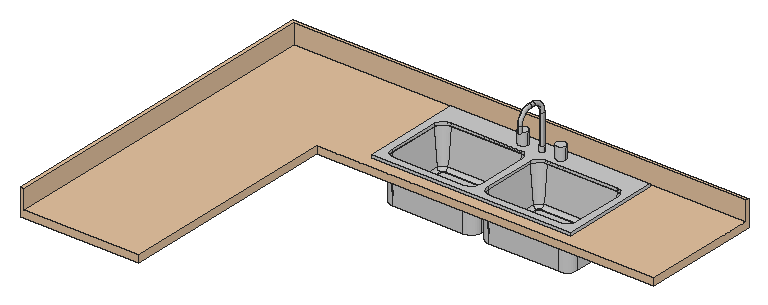
Revit family "Counter Top-L Shaped w Sink.completed", category Casework, Revit 2023
Family settings
  OmniClass Number = 23.40.35.17.47.11
  OmniClass Title = Kitchen Casework
  Work Plane-Based = No
  Always vertical = Yes
  Cut with Voids When Loaded = No
  Shared = Yes
  Room Calculation Point = No
Parameters (values of type "24" Depth")
  Default Elevation = 0' - 0"
  Assembly Code = "C1030400"
  Counter Thickness = 0' - 1 1/2"
  Counter Top Material = none
  Depth = 2' - 1"
  Height = 3' - 0"
  Length - Leg 1 [instance] = 8' - 0"
  Length - Leg 2 [instance] = 6' - 0"
  Sink Location [instance] = 3' - 0"
  Sink Location To Wall [instance] = 0' - 6"
  Sink Opening Depth [instance] = 1' - 3"
  Sink Opening Width [instance] = 3' - 3"
Reference planes (in)
  plane 1 "Back": y = 0
  plane 2: z = 0
  plane 3 "Left": x = -47.2623
  plane 4 "Right": x = 48.7377
  plane 5 "Front": y = -25
  plane 6 "Top": z = 36
  plane 7 "Top Of Cabinet": z = 34.5
  plane 8: y = -0.75
  plane 9: z = 40
  plane 10: x = -22.2623
  plane 11: y = -72
  plane 12: x = -46.5123
  plane 13: x = -11.2623
  plane 14: x = 27.7377
  plane 15: y = -6
  plane 16: y = -21
Forms (in)
  Extrusion 1, solid, material <- "Counter Top Material"
    sketch origin (0, 0, 0) x (1, 0, 0) y (0, 1, 0)
      loop
        line (-47.2623, 0) -> (-47.2623, -72) -> (-22.2623, -72) -> (-22.2623, -25) -> (48.7377, -25) -> (48.7377, 0) -> (-47.2623, 0)
      loop
        arc (-9.2623, -6) -> (-10.67651, -6.58579) -> (-11.2623, -8) r 2
        line (-11.2623, -8) -> (-11.2623, -19)
        arc (-11.2623, -19) -> (-10.67651, -20.41421) -> (-9.2623, -21) r 2
        line (-9.2623, -21) -> (25.7377, -21)
        arc (25.7377, -21) -> (27.15192, -20.41421) -> (27.7377, -19) r 2
        line (27.7377, -19) -> (27.7377, -8)
        arc (27.7377, -8) -> (27.15192, -6.58579) -> (25.7377, -6) r 2
        line (25.7377, -6) -> (-9.2623, -6)
    from 34.5 to 36
  Extrusion 2, solid, material <- "Counter Top Material"
    sketch origin (0, 0, 0) x (1, 0, 0) y (0, 1, 0)
      loop
        line (48.7377, 0) -> (-47.2623, 0) -> (-47.2623, -0.75) -> (48.7377, -0.75) -> (48.7377, 0)
    from 36 to 40
  Extrusion 3, solid, material <- "Counter Top Material"
    sketch origin (0, 0, 0) x (1, 0, 0) y (0, 1, 0)
      loop
        line (-47.2623, -0.75) -> (-47.2623, -72) -> (-46.5123, -72) -> (-46.5123, -0.75) -> (-47.2623, -0.75)
    from 36 to 40
Cuts and joins
  joined: Extrusion 1, Extrusion 2, Extrusion 3
Lines and regions (in)
  Masking region 1
    outline origin (0, 0, 34.5) x (0, -1, 0) y (1, 0, 0)
      loop
        line (0, -47.2623) -> (72, -47.2623) -> (72, -22.2623) -> (25, -22.2623) -> (25, 48.7377) -> (0, 48.7377) -> (0, -47.2623)
  symbolic lines, style "Counter Top"
    curve 1: line (-46.5123, -0.75, 34.5) -> (48.7377, -0.75, 34.5)
    curve 2: line (-46.5123, -72, 34.5) -> (-46.5123, -0.75, 34.5)
  symbolic lines, style "Sink Opening"
    curve 3: line (25.7377, -6, 34.5) -> (-9.2623, -6, 34.5)
    curve 4: line (-9.2623, -21, 34.5) -> (25.7377, -21, 34.5)
    curve 5: line (-11.2623, -8, 34.5) -> (-11.2623, -19, 34.5)
    curve 6: line (27.7377, -19, 34.5) -> (27.7377, -8, 34.5)
    curve 7: arc (-11.2623, -8, 34.5) -> (-10.67651, -6.58579, 34.5) -> (-9.2623, -6, 34.5) r 2
    curve 8: arc (25.7377, -6, 34.5) -> (27.15192, -6.58579, 34.5) -> (27.7377, -8, 34.5) r 2
    curve 9: arc (-9.2623, -21, 34.5) -> (-10.67651, -20.41421, 34.5) -> (-11.2623, -19, 34.5) r 2
    curve 10: arc (27.7377, -19, 34.5) -> (27.15192, -20.41421, 34.5) -> (25.7377, -21, 34.5) r 2
Dimensions and locks (in)
  "Depth": plane 5 "Front" to plane 1 "Back"
  "Length - Leg 1": plane 3 "Left" to plane 4 "Right"
  "Height": level to plane 6 "Top"
  "Counter Thickness": plane 7 "Top Of Cabinet" to plane 6 "Top"
  locked: plane 8 to plane 1 "Back" at 0.75
  plane 6 "Top" to plane 9 = 0' - 4"
  "Depth": plane 3 "Left" to plane 10
  "Length - Leg 2": plane 11 to plane 1 "Back"
  locked: plane 3 "Left" to plane 12 at 0.75
  "Sink Location": plane 3 "Left" to plane 13
  "Sink Opening Width": plane 13 to plane 14
  "Sink Location To Wall": plane 15 to plane 1 "Back"
  "Sink Opening Depth": plane 15 to plane 16
  "Sink Location": plane 3 "Left" to nested 1
  "Sink Location To Wall": nested 1 to plane 1 "Back"
  aligned and locked: plane 1 "Back" to Extrusion 1 sketch curve
  aligned and locked: Extrusion 1 sketch curve to plane 5 "Front"
  aligned and locked: Extrusion 1 sketch curve to plane 3 "Left"
  aligned and locked: plane 6 "Top" to Extrusion 1
  aligned and locked: Extrusion 1 to plane 7 "Top Of Cabinet"
  aligned and locked: Extrusion 2 sketch curve to plane 1 "Back"
  aligned and locked: plane 8 to Extrusion 2 sketch curve
  aligned and locked: Extrusion 2 sketch curve to plane 4 "Right"
  aligned and locked: plane 3 "Left" to Extrusion 2 sketch curve
  aligned and locked: Extrusion 2 to plane 9
  aligned and locked: Extrusion 2 to plane 6 "Top"
  aligned and locked: plane 10 to Extrusion 1 sketch curve
  aligned and locked: plane 11 to Extrusion 1 sketch curve
  aligned and locked: plane 12 to Extrusion 3 sketch curve
  aligned and locked: Extrusion 3 to plane 8
  aligned and locked: plane 3 "Left" to Extrusion 3
  aligned and locked: Extrusion 3 to plane 9
  aligned and locked: Extrusion 3 to plane 6 "Top"
  aligned and locked: Extrusion 1 sketch curve to plane 15
  aligned and locked: Extrusion 1 sketch curve to plane 14
  aligned and locked: Extrusion 1 sketch curve to plane 16
  aligned and locked: plane 13 to Extrusion 1 sketch curve
  aligned and locked: nested 1 to plane 6 "Top"
  aligned and locked: plane 4 "Right" to Masking region 1 sketch curve
  aligned and locked: plane 1 "Back" to Masking region 1 sketch curve
  aligned and locked: Masking region 1 sketch curve to plane 3 "Left"
  aligned and locked: plane 11 to Masking region 1 sketch curve
  aligned and locked: Masking region 1 sketch curve to plane 10
  aligned and locked: plane 5 "Front" to Masking region 1 sketch curve
  aligned and locked: curve 3 to cut or joined group of Extrusion 1, Extrusion 2, Extrusion 3
  aligned and locked: curve 4 to cut or joined group of Extrusion 1, Extrusion 2, Extrusion 3
  aligned and locked: curve 7 to cut or joined group of Extrusion 1, Extrusion 2, Extrusion 3
  aligned and locked: curve 10 to cut or joined group of Extrusion 1, Extrusion 2, Extrusion 3
Automatic sketch dimensions
  plane 3 "Left" to Extrusion 3 sketch curve = 0' - 0"
  plane 11 to Extrusion 3 sketch curve = 0' - 0"
  plane 1 "Back" to Extrusion 3 sketch curve = 0' - 0 3/4"
  curve 1 to plane 4 "Right" = 0' - 0"
  curve 2 to plane 8 = 0' - 0"
  curve 2 to plane 11 = 0' - 0"
  curve 1 to plane 3 "Left" = 0' - 0 3/4"
  curve 4 to curve 3 = 0' - 0"
  curve 5 to curve 4 = 0' - 2"
  Extrusion 1 sketch curve to plane 4 "Right" = 0' - 0"
  plane 13 to Extrusion 1 sketch curve = 0' - 2"
  Extrusion 1 sketch curve to Extrusion 1 sketch curve = 0' - 2"
  Extrusion 1 sketch curve to plane 14 = 0' - 2"  (x2)
Nested families (in)
  nested 1: "Sink Kitchen-Double" at (7.62002, -12.09234, 0), type "42" x 21""
Definition of nested family "Sink Kitchen-Double"
  Parameters
    Default Elevation = 0' - 0"
    Assembly Code = "D2010410"
    Counter Height = 3' - 0"
    Depth = 1' - 9"
    Faucet Material = none
    Sink Material = none
    Width = 3' - 6"
  Reference planes (in)
    plane 1 "Center (Front/Back)": y = -1.40766
    plane 2: z = 0
    plane 3 "Center (Left/Right)": x = 0.61769
    plane 4: y = 10.59234
    plane 5: y = -10.40766
    plane 6: x = -20.38231
    plane 7: x = 21.61769
    plane 8 "Top Of Counter": z = 36
    plane 9: z = 36.5
    plane 10: z = 27.5
    plane 11: y = 6.09234
    plane 12: x = -18.88231
    plane 13: y = -8.90766
    plane 14: x = 20.11769
    plane 15: x = -3.38231
    plane 16: x = 4.61769
    plane 17: y = 8.34234
    plane 18: y = 8.34234
    plane 19: y = 8.34234
    plane 20: z = 46.375
    plane 21: y = 2.46734
    plane 22: z = 39
    plane 23: z = 37.5
    plane 24: x = -0.13231
    plane 25: x = 1.36769
    plane 26: x = -9.13231
    plane 27: x = 10.36769
    plane 28: z = 27.875
  Forms (in)
    Extrusion 1, solid, material <- "Sink Material"
      sketch origin (0, 0, 0) x (1, 0, 0) y (0, 1, 0)
        loop
          line (-20.38231, 10.59234) -> (-20.38231, -10.40766) -> (21.61769, -10.40766) -> (21.61769, 10.59234) -> (-20.38231, 10.59234)
        loop
          arc (-16.88231, 6.09234) -> (-18.29653, 5.50655) -> (-18.88231, 4.09234) r 2
          line (-18.88231, 4.09234) -> (-18.88231, -6.90766)
          arc (-18.88231, -6.90766) -> (-18.29653, -8.32187) -> (-16.88231, -8.90766) r 2
          line (-16.88231, -8.90766) -> (-2.13231, -8.90766)
          arc (-2.13231, -8.90766) -> (-0.7181, -8.32187) -> (-0.13231, -6.90766) r 2
          line (-0.13231, -6.90766) -> (-0.13231, 4.09234)
          arc (-0.13231, 4.09234) -> (-0.7181, 5.50655) -> (-2.13231, 6.09234) r 2
          line (-2.13231, 6.09234) -> (-16.88231, 6.09234)
        loop
          arc (18.11769, -8.90766) -> (19.5319, -8.32187) -> (20.11769, -6.90766) r 2
          line (20.11769, -6.90766) -> (20.11769, 4.09234)
          arc (20.11769, 4.09234) -> (19.5319, 5.50655) -> (18.11769, 6.09234) r 2
          line (18.11769, 6.09234) -> (3.36769, 6.09234)
          arc (3.36769, 6.09234) -> (1.95347, 5.50655) -> (1.36769, 4.09234) r 2
          line (1.36769, 4.09234) -> (1.36769, -6.90766)
          arc (1.36769, -6.90766) -> (1.95347, -8.32187) -> (3.36769, -8.90766) r 2
          line (3.36769, -8.90766) -> (18.11769, -8.90766)
      from 36 to 36.5
    Sweep 2, solid, material <- "Sink Material"
      path origin (0, 0, 0) x (1, 0, 0) y (0, 1, 0)
        loop
          arc (-16.88231, 6.09234) -> (-18.29653, 5.50655) -> (-18.88231, 4.09234) r 2
          line (-18.88231, 4.09234) -> (-18.88231, -6.90766)
          arc (-18.88231, -6.90766) -> (-18.29653, -8.32187) -> (-16.88231, -8.90766) r 2
          line (-16.88231, -8.90766) -> (-2.13231, -8.90766)
          arc (-2.13231, -8.90766) -> (-0.7181, -8.32187) -> (-0.13231, -6.90766) r 2
          line (-0.13231, -6.90766) -> (-0.13231, 4.09234)
          arc (-0.13231, 4.09234) -> (-0.7181, 5.50655) -> (-2.13231, 6.09234) r 2
          line (-2.13231, 6.09234) -> (-16.88231, 6.09234)
      profile origin (-9.50731, 0, 0) x (0, 1, 0) y (0, 0, 1)
        loop
          line (6.09234, 36) -> (5.44139, 28.55963)
          arc (5.44139, 28.55963) -> (5.20094, 28.07204) -> (4.69424, 27.875) r 0.75
          line (4.69424, 27.875) -> (4.59234, 27.875) -> (4.59234, 27.5) -> (6.34234, 27.5) -> (6.34234, 36) -> (6.09234, 36)
    Extrusion 3, solid, material <- "Sink Material"
      sketch origin (0, 0, 0) x (1, 0, 0) y (0, 1, 0)
        loop
          arc (-16.88231, 4.59234) -> (-17.23587, 4.44589) -> (-17.38231, 4.09234) r 0.5
          line (-17.38231, 4.09234) -> (-17.38231, -6.90766)
          arc (-17.38231, -6.90766) -> (-17.23587, -7.26121) -> (-16.88231, -7.40766) r 0.5
          line (-16.88231, -7.40766) -> (-2.13231, -7.40766)
          arc (-2.13231, -7.40766) -> (-1.77876, -7.26121) -> (-1.63231, -6.90766) r 0.5
          line (-1.63231, -6.90766) -> (-1.63231, 4.09234)
          arc (-1.63231, 4.09234) -> (-1.77876, 4.44589) -> (-2.13231, 4.59234) r 0.5
          line (-2.13231, 4.59234) -> (-16.88231, 4.59234)
        loop
          circle (-9.13231, -1.40766) r 1
      from 27.5 to 27.875
    Extrusion 4, solid, material <- "Faucet Material"
      sketch origin (0, 0, 0) x (1, 0, 0) y (0, 1, 0)
        loop
          circle (-3.38231, 8.34234) r 1
        loop
          circle (4.61769, 8.34234) r 1
      from 36.5 to 39
    Sweep 5, solid, material <- "Faucet Material"
      path origin (0.61769, 0, 0) x (0, 1, 0) y (0, 0, 1)
        loop
          line (8.34234, 36.5) -> (8.34234, 43.875)
          arc (8.34234, 43.875) -> (7.61011, 45.64277) -> (5.84234, 46.375) r 2.5
          line (5.84234, 46.375) -> (4.96734, 46.375)
          arc (4.96734, 46.375) -> (3.19957, 45.64277) -> (2.46734, 43.875) r 2.5
          line (2.46734, 43.875) -> (2.46734, 42.5)
      profile origin (0.61769, 0, 40.1875) x (0, -1, 0) y (1, 0, 0)
        loop
          circle (-8.34234, 0) r 0.375
    Extrusion 6, solid, material <- "Faucet Material"
      sketch origin (0, 0, 0) x (1, 0, 0) y (0, 1, 0)
        loop
          circle (0.61769, 8.34234) r 0.5
      from 36.5 to 37.5
    Sweep 7, solid, material <- "Sink Material"
      path origin (1.23537, 0, 0) x (-1, 0, 0) y (0, -1, 0)
        loop
          line (-16.88231, -6.09234) -> (-2.13231, -6.09234)
          arc (-2.13231, -6.09234) -> (-0.7181, -5.50655) -> (-0.13231, -4.09234) r 2
          line (-0.13231, -4.09234) -> (-0.13231, 6.90766)
          arc (-0.13231, 6.90766) -> (-0.7181, 8.32187) -> (-2.13231, 8.90766) r 2
          line (-2.13231, 8.90766) -> (-16.88231, 8.90766)
          arc (-16.88231, 8.90766) -> (-18.29653, 8.32187) -> (-18.88231, 6.90766) r 2
          line (-18.88231, 6.90766) -> (-18.88231, -4.09234)
          arc (-18.88231, -4.09234) -> (-18.29653, -5.50655) -> (-16.88231, -6.09234) r 2
      profile origin (10.74269, 0, 0) x (0, -1, 0) y (0, 0, 1)
        loop
          line (-6.09234, 36) -> (-6.34234, 36) -> (-6.34234, 27.5) -> (-4.59234, 27.5) -> (-4.59234, 27.875) -> (-4.69424, 27.875)
          arc (-4.69424, 27.875) -> (-5.20094, 28.07204) -> (-5.44139, 28.55963) r 0.75
          line (-5.44139, 28.55963) -> (-6.09234, 36)
    Extrusion 8, solid, material <- "Sink Material"
      sketch origin (0, 0, 0) x (1, 0, 0) y (0, 1, 0)
        loop
          arc (3.36769, 4.69424) -> (3.01413, 4.5478) -> (2.86769, 4.19424) r 0.5
          line (2.86769, 4.19424) -> (2.86769, -6.90766)
          arc (2.86769, -6.90766) -> (3.01413, -7.26121) -> (3.36769, -7.40766) r 0.5
          line (3.36769, -7.40766) -> (18.11769, -7.40766)
          arc (18.11769, -7.40766) -> (18.47124, -7.26121) -> (18.61769, -6.90766) r 0.5
          line (18.61769, -6.90766) -> (18.61769, 4.19424)
          arc (18.61769, 4.19424) -> (18.47124, 4.5478) -> (18.11769, 4.69424) r 0.5
          line (18.11769, 4.69424) -> (3.36769, 4.69424)
        loop
          circle (10.36769, -1.40766) r 1
      from 27.5 to 27.875
  Cuts and joins
    joined: Extrusion 1, Sweep 2, Sweep 7
    joined: Sweep 5, Extrusion 6
  Lines and regions (in)
    Masking region 1
      outline origin (0, 0, 36) x (0, -1, 0) y (1, 0, 0)
        loop
          line (-10.59234, -20.38231) -> (10.40766, -20.38231) -> (10.40766, 21.61769) -> (-10.59234, 21.61769) -> (-10.59234, -20.38231)
    symbolic lines
      curve 1: line (-18.88231, 4.09234, 36) -> (-18.88231, -6.90766, 36)
      curve 2: line (-16.88231, -8.90766, 36) -> (-2.13231, -8.90766, 36)
      curve 3: line (20.11769, -6.90766, 36) -> (20.11769, 4.09234, 36)
      curve 4: line (18.11769, 6.09234, 36) -> (3.36769, 6.09234, 36)
      curve 5: arc (20.11769, 4.09234, 36) -> (19.5319, 5.50655, 36) -> (18.11769, 6.09234, 36) r 2
      curve 6: arc (18.11769, -8.90766, 36) -> (19.5319, -8.32187, 36) -> (20.11769, -6.90766, 36) r 2
      curve 7: arc (-18.88231, -6.90766, 36) -> (-18.29653, -8.32187, 36) -> (-16.88231, -8.90766, 36) r 2
      curve 8: arc (-16.88231, 6.09234, 36) -> (-18.29653, 5.50655, 36) -> (-18.88231, 4.09234, 36) r 2
      curve 9: arc (1.11769, 8.34234, 36) -> (0.61769, 8.84234, 36) -> (0.11769, 8.34234, 36) r 0.5
      curve 10: line (0.11769, 8.34234, 36) -> (0.11769, 0.59234, 36)
      curve 11: line (1.11769, 8.34234, 36) -> (1.11769, 0.59234, 36)
      curve 12: arc (1.11769, 0.59234, 36) -> (0.61769, 0.09234, 36) -> (0.11769, 0.59234, 36) r 0.5
      curve 13: line (-0.13231, 4.09234, 36) -> (-0.13231, -6.90766, 36)
      curve 14: line (1.36769, 4.09234, 36) -> (1.36769, -6.90766, 36)
      curve 15: line (3.36769, -8.90766, 36) -> (18.11769, -8.90766, 36)
      curve 16: line (-2.13231, 6.09234, 36) -> (-16.88231, 6.09234, 36)
      curve 17: arc (3.36769, 6.09234, 36) -> (1.95347, 5.50655, 36) -> (1.36769, 4.09234, 36) r 2
      curve 18: arc (1.36769, -6.90766, 36) -> (1.95347, -8.32187, 36) -> (3.36769, -8.90766, 36) r 2
      curve 19: arc (-0.13231, -6.90766, 36) -> (-0.7181, -8.32187, 36) -> (-2.13231, -8.90766, 36) r 2
      curve 20: arc (-0.13231, 4.09234, 36) -> (-0.7181, 5.50655, 36) -> (-2.13231, 6.09234, 36) r 2
      curve 21: arc (-10.13231, -1.40766, 36) -> (-9.13231, -0.40766, 36) -> (-8.13231, -1.40766, 36) r 1
      curve 22: arc (-8.13231, -1.40766, 36) -> (-9.13231, -2.40766, 36) -> (-10.13231, -1.40766, 36) r 1
      curve 23: arc (9.36769, -1.40766, 36) -> (10.36769, -0.40766, 36) -> (11.36769, -1.40766, 36) r 1
      curve 24: arc (11.36769, -1.40766, 36) -> (10.36769, -2.40766, 36) -> (9.36769, -1.40766, 36) r 1
      curve 25: arc (-4.38231, 8.34234, 36) -> (-3.38231, 7.34234, 36) -> (-2.38231, 8.34234, 36) r 1
      curve 26: arc (-2.38231, 8.34234, 36) -> (-3.38231, 9.34234, 36) -> (-4.38231, 8.34234, 36) r 1
      curve 27: arc (3.61769, 8.34234, 36) -> (4.61769, 7.34234, 36) -> (5.61769, 8.34234, 36) r 1
      curve 28: arc (5.61769, 8.34234, 36) -> (4.61769, 9.34234, 36) -> (3.61769, 8.34234, 36) r 1
  Dimensions and locks (in)
    equal spacing: plane 6, plane 3 "Center (Left/Right)", plane 7
    "Width": plane 6 to plane 7
    "Depth": plane 5 to plane 4
    "Counter Height": plane 8 "Top Of Counter" to plane 2
    locked: plane 9 to plane 8 "Top Of Counter" at 0.5
    locked: plane 8 "Top Of Counter" to plane 10 at 8.5
    locked: plane 6 to plane 12 at 1.5
    locked: plane 14 to plane 7 at 1.5
    locked: plane 11 to plane 4 at 4.5
    locked: plane 5 to plane 13 at 1.5
    equal spacing: plane 11, plane 17, plane 4
    equal spacing: plane 11, plane 18, plane 4
    equal spacing: plane 4, plane 19, plane 11
    locked: plane 19 to plane 21 at 5.875
    locked: plane 20 to plane 9 at 9.875
    locked: plane 22 to plane 9 at 2.5
    locked: plane 23 to plane 9 at 1
    plane 24 to plane 3 "Center (Left/Right)" to plane 25 = 0' - 0 3/4" locked, 0' - 0 3/4" locked
    equal spacing: plane 12, plane 26, plane 3 "Center (Left/Right)"
    equal spacing: plane 3 "Center (Left/Right)", plane 27, plane 14
    equal spacing: plane 13, plane 1 "Center (Front/Back)", plane 11
    locked: plane 15 to plane 3 "Center (Left/Right)" at 4
    locked: plane 3 "Center (Left/Right)" to plane 16 at 4
    locked: plane 28 to plane 10 at 0.375
    aligned and locked: Extrusion 1 sketch curve to plane 5
    aligned and locked: plane 7 to Extrusion 1 sketch curve
    aligned and locked: plane 4 to Extrusion 1 sketch curve
    aligned and locked: Extrusion 1 sketch curve to plane 6
    aligned and locked: plane 8 "Top Of Counter" to Extrusion 1
    aligned and locked: Extrusion 1 to plane 9
    aligned and locked: plane 11 to Extrusion 1 sketch curve
    aligned and locked: plane 14 to Extrusion 1 sketch curve
    aligned and locked: Extrusion 1 sketch curve to plane 12
    aligned and locked: Extrusion 1 sketch curve to plane 13
    aligned and locked: plane 11 to Sweep 2 sketch curve
    aligned and locked: Sweep 2 sketch curve to plane 12
    aligned and locked: Sweep 2 sketch curve to plane 13
    aligned and locked: Sweep 2 to Extrusion 3 sketch curve  (x4)
    aligned and locked: plane 10 to Extrusion 3
    aligned and locked: Sweep 2 sketch curve to plane 10
    aligned and locked: plane 8 "Top Of Counter" to Sweep 2 sketch curve
    aligned and locked: Extrusion 4 to Extrusion 1
    aligned and locked: Extrusion 6 to Extrusion 1
    aligned and locked: Sweep 5 sketch curve to plane 19
    aligned and locked: plane 20 to Sweep 5 sketch curve
    aligned and locked: plane 21 to Sweep 5 sketch curve
    aligned and locked: Extrusion 4 to plane 22
    aligned and locked: Extrusion 6 to plane 23
    aligned and locked: Sweep 2 sketch curve to Extrusion 1
    aligned and locked: Sweep 7 sketch curve to plane 14
    aligned and locked: Sweep 7 sketch curve to Extrusion 1
    aligned and locked: Sweep 7 sketch curve to plane 11
    aligned and locked: plane 13 to Sweep 7 sketch curve
    aligned and locked: plane 10 to Extrusion 8
    aligned and locked: curve 21 to Extrusion 3
    aligned and locked: curve 23 to Extrusion 8
    aligned and locked: Extrusion 8 sketch curve to Sweep 7
    aligned and locked: Sweep 7 sketch curve to plane 8 "Top Of Counter"
    aligned and locked: plane 10 to Sweep 7 sketch curve
    aligned and locked: plane 4 to Masking region 1 sketch curve
    aligned and locked: plane 7 to Masking region 1 sketch curve
    aligned and locked: Masking region 1 sketch curve to plane 5
    aligned and locked: Masking region 1 sketch curve to plane 6
    aligned and locked: plane 15 to Extrusion 4 sketch curve
    aligned and locked: plane 17 to Extrusion 4 sketch curve  (x2)
    aligned and locked: plane 16 to Extrusion 4 sketch curve
    aligned and locked: curve 25 to Extrusion 4
    aligned and locked: curve 27 to Extrusion 4
    aligned and locked: Extrusion 3 to plane 28
    aligned and locked: Extrusion 8 to plane 28
  Automatic sketch dimensions
    Sweep 2 sketch curve to profile plane = 0' - 0"
    profile plane to Sweep 2 sketch curve = 0' - 0.65095"
    Sweep 2 sketch curve to Sweep 2 sketch curve = 0' - 0.74715"
    Sweep 2 sketch curve to Sweep 2 sketch curve = 0' - 0.10191"
    Sweep 2 sketch curve to profile plane = 0' - 0 1/4"
    Sweep 2 sketch curve to Sweep 2 sketch curve = 0' - 0 3/8"
    Sweep 2 sketch curve to Sweep 2 sketch curve = 0' - 0.68463"
    plane 15 to Extrusion 4 sketch curve = 0' - 1"
    plane 16 to Extrusion 4 sketch curve = 0' - 1"
    Sweep 5 sketch curve to plane 3 "Center (Left/Right)" = 0' - 0"
    Sweep 5 sketch curve to profile plane = 0' - 0"
    profile plane to Sweep 5 sketch curve = 0' - 0 3/8"
    Extrusion 6 sketch curve to plane 18 = 0' - 0"
    Extrusion 6 sketch curve to plane 3 "Center (Left/Right)" = 0' - 0"
    Extrusion 6 sketch curve to plane 3 "Center (Left/Right)" = 0' - 0 1/2"
    Sweep 5 sketch curve to plane 9 = 0' - 0"
    Sweep 5 sketch curve to Sweep 5 sketch curve = 0' - 2 1/2"
    plane 11 to Sweep 5 sketch curve = 0' - 0 1/4"
    Sweep 5 sketch curve to Sweep 5 sketch curve = 0' - 1 3/8"
    Extrusion 1 sketch curve to plane 13 = 0' - 0"
    Extrusion 1 sketch curve to plane 24 = 0' - 0"
    Extrusion 1 sketch curve to plane 25 = 0' - 0"
    Extrusion 1 sketch curve to plane 11 = 0' - 0"
    Extrusion 1 sketch curve to plane 12 = 0' - 2"  (x2)
    Extrusion 1 sketch curve to plane 3 "Center (Left/Right)" = 0' - 2 3/4"  (x2)
    plane 3 "Center (Left/Right)" to Extrusion 1 sketch curve = 0' - 2 3/4"  (x2)
    plane 14 to Extrusion 1 sketch curve = 0' - 2"
    Extrusion 1 sketch curve to Extrusion 1 sketch curve = 0' - 2"
    Sweep 2 sketch curve to plane 12 = 0' - 2"  (x2)
    Sweep 2 sketch curve to plane 3 "Center (Left/Right)" = 0' - 2 3/4"  (x2)
    plane 14 to Sweep 7 sketch curve = 0' - 2"  (x2)
    Sweep 7 sketch curve to Sweep 7 sketch curve = 0' - 2"
    plane 3 "Center (Left/Right)" to Sweep 7 sketch curve = 0' - 2 3/4"
    Extrusion 3 sketch curve to plane 1 "Center (Front/Back)" = 0' - 0"
    Extrusion 3 sketch curve to plane 26 = 0' - 0"
    Extrusion 3 sketch curve to Extrusion 3 sketch curve = 0' - 0 1/2"  (x4)
    plane 26 to Extrusion 3 sketch curve = 0' - 1"
    Extrusion 8 sketch curve to plane 1 "Center (Front/Back)" = 0' - 0"
    Extrusion 8 sketch curve to plane 27 = 0' - 0"
    plane 27 to Extrusion 8 sketch curve = 0' - 1"
    plane 3 "Center (Left/Right)" to Extrusion 8 sketch curve = 0' - 2 3/4"  (x2)
    Extrusion 8 sketch curve to Extrusion 8 sketch curve = 0' - 0 1/2"  (x2)
    plane 11 to Extrusion 8 sketch curve = 0' - 1.89809"
    Extrusion 8 sketch curve to plane 13 = 0' - 2"
    plane 7 to Extrusion 8 sketch curve = 0' - 3 1/2"
    Sweep 7 sketch curve to profile plane = 0' - 0"
    profile plane to Sweep 7 sketch curve = 0' - 0 1/4"
    Sweep 7 sketch curve to profile plane = 0' - 0.65095"
    Sweep 7 sketch curve to Sweep 7 sketch curve = 0' - 0.74715"
    Sweep 7 sketch curve to Sweep 7 sketch curve = 0' - 0.10191"
    Sweep 7 sketch curve to Sweep 7 sketch curve = 0' - 0.06537"
    Sweep 7 sketch curve to Sweep 7 sketch curve = 0' - 1.05963"
    curve 20 to plane 11 = 0' - 0"
    curve 17 to plane 11 = 0' - 0"
    curve 5 to plane 14 = 0' - 0"
    curve 1 to plane 12 = 0' - 0"
    curve 12 to plane 3 "Center (Left/Right)" = 0' - 0"
    curve 7 to plane 13 = 0' - 0"
    curve 18 to plane 13 = 0' - 0"
    plane 4 to curve 11 = 0' - 2 1/4"
    plane 11 to curve 5 = 0' - 2"
    plane 11 to curve 8 = 0' - 2"
    curve 13 to plane 3 "Center (Left/Right)" = 0' - 0 3/4"
    curve 14 to curve 13 = 0' - 0"
    curve 11 to plane 1 "Center (Front/Back)" = 0' - 2"
    plane 3 "Center (Left/Right)" to curve 14 = 0' - 0 3/4"
    curve 14 to plane 13 = 0' - 2"
    curve 13 to curve 14 = 0' - 0"
    curve 1 to plane 13 = 0' - 2"
    curve 6 to plane 13 = 0' - 2"
    curve 9 to plane 3 "Center (Left/Right)" = 0' - 0 1/2"
    curve 4 to curve 27 = 0' - 0 1/4"
